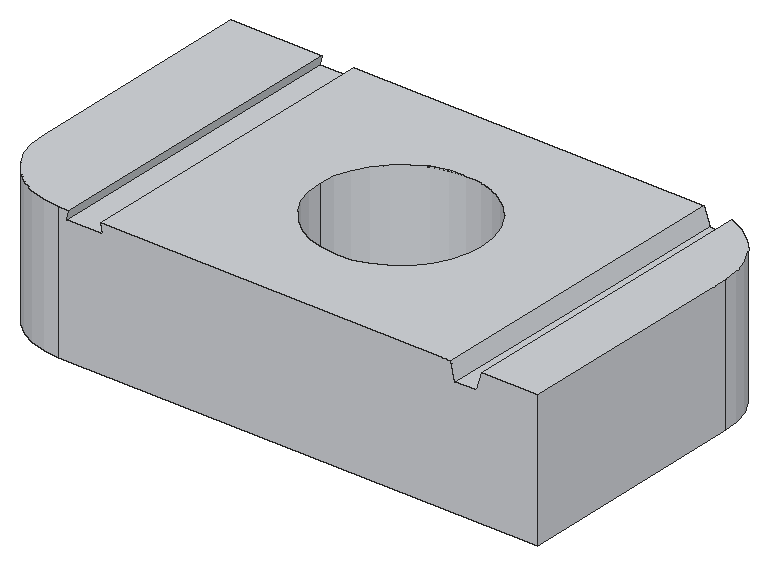
Revit family "CS22", category Generic Models, Revit 2017
Family settings
  Can host rebar = No
  Round Connector Dimension = Use Diameter
  Part Type = Normal
  Work Plane-Based = Yes
  Always vertical = No
  Cut with Voids When Loaded = No
  Shared = No
  Room Calculation Point = No
Parameters (values of type "NBS Standard Parameters")
  Weight = "0.0318Kg"
  WarrantyStartDate [instance] = "1900-12-31T23:59:59"
  WarrantyGuarantorParts = "n/a"
  WarrantyGuarantorLabor = "n/a"
  WarrantyDurationUnit = "year"
  WarrantyDurationParts = "n/a"
  WarrantyDurationLabor = "n/a"
  WarrantyDescription = "n/a"
  Version = "1"
  Uniclass2 = "PR_65_70_11_19"
  TagNumber [instance] = "n/a"
  SustainabilityPerformance = "n/a"
  Size = "M10"
  Shape = "Rectangular"
  SerialNumber [instance] = "n/a"
  Revision = "n/a"
  ReplacementCost = "n/a"
  ProductInformation = ""
  NominalWidth = 19.5 mm
  NominalLength = 34.5 mm
  NominalHeight = 6 mm
  Name = ""
  NBSTypeID = ""
  NBSReference = "90-55-10/305"
  NBSOfficeMasterTag = ""
  NBSNote = ""
  NBSDescription = "Channel Cable Support"
  NBSCertification = ""
  ModelReference = "CS22"
  ModelNumber = "n/a"
  Material = "Steel"
  ManufacturerURL = "www.metpro.co.uk"
  ManufacturerName = "Metpro Ltd"
  InstallationDate [instance] = "1900-12-31T23:59:59"
  IfcExportType = ""
  IfcExportAs = ""
  Grade = "n/a"
  Finish = "BZP"
  Features = "n/a"
  ExpectedLife = "n/a"
  DurationUnit = "year"
  Description = "NBS standard template"
  Default Elevation = 1219.2 mm
  Constituents = "n/a"
  Color = "n/a"
  CodePerformance = "n/a"
  Category = "n/a"
  BarCode [instance] = "n/a"
  BIMObjectName = "Role_Source_Type_Generic"
  Author = "Metpro Limited"
  AssetType = ""
  AssetIdentifier [instance] = "n/a"
  AccessibilityPerformance = "n/a"
Reference planes
  plane 1 "Center (Front/Back)": y = 0
  plane 2: z = 0
  plane 3 "Center (Left/Right)": x = 0
Forms (mm)
  Extrusion 1, solid
    sketch origin (10.479, 3.753, -4.153) x (-0.173648, 0, -0.984808) y (-0.984808, 0, 0.173648)
      loop
        line (0.158, -0.256) -> (-1.146, 1.606) -> (-1.587, -0.891) -> (0.158, -0.256)
    from 0 to 0.704
  Extrusion 2, solid
    sketch origin (11.632, 3.753, -2.745) x (-1, 0, 0) y (0, -1, 0)
      loop
        line (-17.868, -9.846) -> (11.632, -9.846) -> (11.632, 4.654)
        arc (11.632, 4.654) -> (10.168, 8.189) -> (6.632, 9.654) r 5
        line (6.632, 9.654) -> (-22.868, 9.654) -> (-22.868, -4.846)
        arc (-22.868, -4.846) -> (-21.403, -8.382) -> (-17.868, -9.846) r 5
      loop
        circle (-6.725, 0) r 5
    from -2.362 to 5.968
  Blend 3, void
    base sketch origin (11.632, 3.753, 3.222) x (0, -1, 0) y (1, 0, 0)
      loop
        line (10.616, -4.351) -> (-11.971, -4.351) -> (-11.971, -5.663) -> (10.616, -5.663) -> (10.616, -4.351)
    top sketch origin (11.632, 3.753, 3.222) x (0, -1, 0) y (1, 0, 0)
      loop
        line (10.616, -3.927) -> (-11.971, -3.927) -> (-11.971, -6.171) -> (10.616, -6.171) -> (10.616, -3.927)
    from 1.069 to -0.53
  Extrusion 4, void
    sketch origin (-0.5, -5.901, -2.745) x (-1, 0, 0) y (0, 0, 1)
      loop
        line (-29.933, 4.898) -> (-29.51, 6.498) -> (-31.754, 6.498) -> (-31.246, 4.898) -> (-29.933, 4.898)
    from 0 to 21.624
Cuts and joins
  Blend 3, Extrusion 4 cuts Extrusion 2
Dimensions and locks
  aligned and locked: level to plane 2
